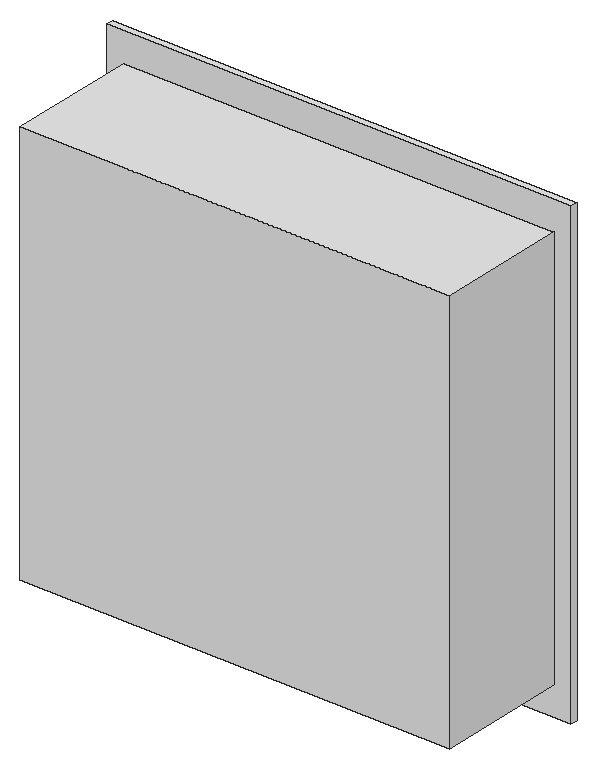
Revit family "Cypher-C1", category Lighting Fixtures, host Wall, Revit 2013
Parameters (values of type "CY1-15-3K7-1-1D-R")
  Watts = 17 W
  Wattage Comments = "15W, 1500 nominal lumens"
  Wattage = 17 W
  built-in parameter 1150110 = 1 (stored number, unit not read)
  Voltage = if([120 Voltage], 120 V, 270 V)  # 120 V
  URL = "http://www.aal.net/"
  built-in parameter 1114217 = 1 (stored number, unit not read)
  Tilt Angle = 90.00°
  built-in parameter 1150109 = 1 (stored number, unit not read)
  built-in parameter 1150134 = (empty or 0)
  built-in parameter 1150113 = 1 (stored number, unit not read)
  Photometric Web Link = "http://www.aal.net/products/cypher_accent_scale"
  Photometric Notes = "More IES files download Photometric Web Link"  # constant formula
  Glass = Hubbell-White Glass
  Product Page URL = "http://www.aal.net/products/cypher_accent_scale"
  Product Documentation Link = "http://www.aal.net/content/products/specs/specs_files/aal_cy1_spec.pdf"
  Power Factor = 1
  Photometric Web File = "CY1-15-3K7-1-1D-R.IES"
  Fascia Form [instance] = Panel : Flat - Blank
  Model = "Cypher - Accent Scale"  # constant formula
  Manufacturer Phone = "626-968-5666"  # constant formula
  Manufacturer Fax = "626-369-2695"  # constant formula
  Manufacturer = "Architectural Area Lighting"  # constant formula
  built-in parameter 1150105 = 100.11 (stored number, unit not read)
  Lumens = 1258 lm
  built-in parameter 1150115 = 1 (stored number, unit not read)
  Load Classification = Lighting
  built-in parameter 1150137 = (empty or 0)
  built-in parameter 1150139 = (empty or 0)
  built-in parameter 1150112 = 1 (stored number, unit not read)
  built-in parameter 1150114 = 1 (stored number, unit not read)
  Lamp = "360° Light Distribution"  # constant formula
  built-in parameter 1150132 = (empty or 0)
  built-in parameter 1150102 = (empty or 0)
  built-in parameter 1150107 = 3000 (stored number, unit not read)
  built-in parameter 1150138 = (empty or 0)
  built-in parameter 1150106 = 1.0011 (stored number, unit not read)
  Emit from Rectangle Width = 4.00"  # constant formula
  Emit from Rectangle Length = 2.00"  # constant formula
  Emit Shape Visible in Rendering = no
  built-in parameter 1150104 = 6.8748 (stored number, unit not read)
  Dimming Lamp Color Temperature Shift = <None>
  Description = "Cypher allows designers to mix and match optics for best-in-class aesthetics and performance"  # constant formula
  Color Filter = 16777215
  Box Finish = Hubbell-White
  built-in parameter 1114218 = 1 (stored number, unit not read)
  built-in parameter 1150133 = 10 (stored number, unit not read)
  Assembly Code = "D5020"
  Apparent Load = Watts / Power Factor  # 17 VA
  277 Voltage = not([120 Voltage])  # no
  120 Voltage = yes
Types (6): name | Watts | Wattage Comments | Wattage | built-in parameter 1150134 | Photometric Web File | built-in parameter 1150105 | Lumens | built-in parameter 1150107 | built-in parameter 1150106 | built-in parameter 1150104 | Apparent Load
  CY1-15-3K7-1-1D-R | 17 W | "15W, 1500 nominal lumens" | 17 W | (empty or 0) | "CY1-15-3K7-1-1D-R.IES" | 100.11 (stored number, unit not read) | 1258 lm | 3000 (stored number, unit not read) | 1.0011 (stored number, unit not read) | 6.8748 (stored number, unit not read) | 17 VA
  CY1-15-4K7-1-WG-R | 17 W | "15W, 1500 nominal lumens" | 17 W | 12 | "CY1-15-4K7-1-WG-R.IES" | 156.93 (stored number, unit not read) | 1972 lm | 4000 (stored number, unit not read) | 1.5693 (stored number, unit not read) | 10.777 (stored number, unit not read) | 17 VA
  CY1-15-5K7-1-3D-R | 17 W | "15W, 1500 nominal lumens" | 17 W | 2 | "CY1-15-5K7-1-3D-R.IES" | 91.992 (stored number, unit not read) | 1156 lm | 5000 (stored number, unit not read) | 0.91992 (stored number, unit not read) | 6.3174 (stored number, unit not read) | 17 VA
  CY1-25-3K7-1-1-R | 26 W | "25W, 2500 nominal lumens" | 26 W | (empty or 0) | "CY1-25-3K7-1-1-R.IES" | 190.35 (stored number, unit not read) | 2392 lm | 3000 (stored number, unit not read) | 1.9035 (stored number, unit not read) | 8.5471 (stored number, unit not read) | 26 VA
  CY1-25-4K7-1-4-R | 26 W | "25W, 2500 nominal lumens" | 26 W | 12 | "CY1-25-4K7-1-4-R.IES" | 184.14 (stored number, unit not read) | 2314 lm | 4000 (stored number, unit not read) | 1.8414 (stored number, unit not read) | 8.2684 (stored number, unit not read) | 26 VA
  CY1-25-5K7-1-SP-R | 26 W | "25W, 2500 nominal lumens" | 26 W | 2 | "CY1-25-5K7-1-SP-R.IES" | 194.49 (stored number, unit not read) | 2444 lm | 5000 (stored number, unit not read) | 1.9449 (stored number, unit not read) | 8.7329 (stored number, unit not read) | 26 VA
Reference planes (in)
  plane 1 "Wall": y = 0
  plane 2 "Center (Left/Right)": x = 4.92126
  plane 3 "Back": y = 2.95276
  plane 4: z = 67.32601
Text (in)
  text "Placement Side" at (-36.97918, 19.73443, 0), in view "Ref. Level"
  text "Placement side" at (0, 27.32912, 79.68064), in view "Left"
  text "Placement side" at (0, 10.24977, 82.91007), in view "Right"
Dimensions and locks (in)
  locked: plane 3 "Back" to host wall
  aligned and locked: plane 1 "Wall" to host wall
  aligned and locked: nested 1 to plane 2 "Center (Left/Right)"
  aligned and locked: nested 1 to plane 4
Nested families (in)
  nested 1: "Panel" at (4.92126, 2.95276, 67.32601) x (-1, 0, 0) z (0, 1, 0), type <- "Fascia Form", Panel <- "Box Finish", Glass <- "Glass", type "Flat - Blank"
    with Panel Hubbell-White, Glass Hubbell-White Glass
Connectors (in)
  electrical at (4.92126, 2.95276, 67.32601), driven by "Load Classification", driven by "Voltage", driven by "Apparent Load", driven by "Power Factor"
    settings: on nested 1, index 1, voltage 120 V, apparent load 17 VA, apparent load phase1 0 VA, apparent load phase2 0 VA, apparent load phase3 0 VA, power factor 1, load classification "Lighting", number of poles 1, system type 30, power factor state 1, is connector primary yes, connector utility no, sub classification motor no, connector description "Lighting Connector"
Definition of nested family "Panel"
  Parameters (values of type "Flat - 4 Square")
    zz Length 2 = 8.30"
    zz Length 1 = 8.80"
    URL = ""
    Radius = no
    Flat = yes
    F-Open = yes
    F-Blank = no
    R-4 Square = no
    R-Open = no
    Model = ""
    Manufacturer = ""
    R-Blank = no
    Panel [instance] = none
    Glass [instance] = none
    F-4 Square = yes
    Description = ""
    Default Elevation = 48.00"
  Types (6): name | zz Length 1 | Radius | Flat | F-Open | F-Blank | R-4 Square | R-Open | R-Blank | F-4 Square
    Radius - Blank | 8.20" | yes | no | no | no | no | no | yes | no
    Radius - Open | 8.20" | yes | no | no | no | no | yes | no | no
    Radius - 4 Square | 8.20" | yes | no | no | no | yes | yes | no | no
    Flat - Blank | 8.80" | no | yes | no | yes | no | no | no | no
    Flat - Open | 8.80" | no | yes | yes | no | no | no | no | no
    Flat - 4 Square | 8.80" | no | yes | yes | no | no | no | no | yes
  Reference planes (in)
    plane 1 "Center (Front/Back)": y = 0
    plane 2: z = 0
    plane 3 "Center (Left/Right)": x = 0
    plane 4: x = -5.1
    plane 5: y = 5
    plane 6: y = -5
    plane 7: x = 5.1
    plane 8: x = -1.5
    plane 9: x = 1.5
    plane 10: y = 1.5
    plane 11: y = -1.5
    plane 12: x = -4.4
    plane 13: x = 4.4
    plane 14: y = 4.15
    plane 15: y = -4.15
    plane 16: z = 4.2
    plane 17: x = -4.75
    plane 18: x = 4.75
    plane 19: y = -4.75
    plane 20: y = 4.75
    plane 21: z = 2.65
  Forms (in)
    Extrusion 1, solid
      sketch origin (0, 0, 0) x (1, 0, 0) y (0, 1, 0)
        loop
          line (-48, 48) -> (-48, -48) -> (48, -48) -> (48, 48) -> (-48, 48)
      from 0 to -12
    Extrusion 2, solid, material <- "Panel", visible <- "Radius"
      sketch origin (0, 0, -5.12088) x (1, 0, 0) y (0, 0, 1)
        loop
          line (-5.1, 7.02088) -> (-4.97955, 6.90043)
          arc (-4.97955, 6.90043) -> (0, 9.15088) -> (4.97955, 6.90043) r 6.63435
          line (4.97955, 6.90043) -> (5.1, 7.02088)
          arc (5.1, 7.02088) -> (0, 9.32088) -> (-5.1, 7.02088) r 6.80435
      from 5 to -5
    Extrusion 3, void
      sketch origin (0, 0, 0) x (1, 0, 0) y (0, 1, 0)
        loop
          line (-1.5, 1.5) -> (-1.5, -1.5) -> (1.5, -1.5) -> (1.5, 1.5) -> (-1.5, 1.5)
      from 7.43003 to 0.25
    Extrusion 4, solid, material <- "Glass", visible <- "R-Open"
      sketch origin (0, 0, -8.59835) x (1, 0, 0) y (0, 0, 1)
        loop
          line (-1.5, 12.55195) -> (-1.5, 12.48059)
          arc (-1.5, 12.48059) -> (0, 12.62835) -> (1.5, 12.48059) r 7.68763
          line (1.5, 12.48059) -> (1.5, 12.55195)
          arc (1.5, 12.55195) -> (0, 12.69835) -> (-1.5, 12.55195) r 7.75763
      from 1.5 to -1.5
    Extrusion 5, void, not visible
      sketch origin (0, 0, 0) x (1, 0, 0) y (0, 1, 0)
        loop
          circle (-2.22504, 2.2246) r 0.08209
      from 10.68531 to 8.33423
    Extrusion 6, solid, material <- "Panel", visible <- "R-Blank"
      sketch origin (0, 0, -8.59835) x (1, 0, 0) y (0, 0, 1)
        loop
          line (-1.5, 12.63095) -> (-1.5, 12.55195)
          arc (-1.5, 12.55195) -> (0, 12.69835) -> (1.5, 12.55195) r 7.75763
          line (1.5, 12.55195) -> (1.5, 12.63095)
          arc (1.5, 12.63095) -> (0, 12.79835) -> (-1.5, 12.63095) r 6.80435
      from 1.5 to -1.5
    Extrusion 7, solid, material <- "Panel", visible <- "R-4 Square"
      sketch origin (0, 0, -8.59835) x (1, 0, 0) y (0, 0, 1)
        loop
          line (-1.5, 12.63095) -> (-1.5, 12.55195)
          arc (-1.5, 12.55195) -> (0, 12.69835) -> (1.5, 12.55195) r 7.75763
          line (1.5, 12.55195) -> (1.5, 12.63095)
          arc (1.5, 12.63095) -> (0, 12.79835) -> (-1.5, 12.63095) r 6.80435
      from 1.5 to -1.5
    Extrusion 8, void
      sketch origin (0, 0, 0) x (1, 0, 0) y (0, 1, 0)
        loop
          line (-1.5, 1.5) -> (-1.5, 0.125) -> (-0.125, 0.125) -> (-0.125, 1.5) -> (-1.5, 1.5)
        loop
          line (1.5, 1.5) -> (0.125, 1.5) -> (0.125, 0.125) -> (1.5, 0.125) -> (1.5, 1.5)
        loop
          line (-1.5, -1.5) -> (-0.125, -1.5) -> (-0.125, -0.125) -> (-1.5, -0.125) -> (-1.5, -1.5)
        loop
          line (1.5, -1.5) -> (1.5, -0.125) -> (0.125, -0.125) -> (0.125, -1.5) -> (1.5, -1.5)
      from 4.36391 to 2.5679
    Extrusion 9, solid, material <- "Panel"
      sketch origin (0, 0, 0) x (1, 0, 0) y (0, 1, 0)
        loop
          line (-4.4, 4.15) -> (-4.4, -4.15) -> (4.4, -4.15) -> (4.4, 4.15) -> (-4.4, 4.15)
      from 0 to 2.65
    Extrusion 10, solid, material <- "Panel", visible <- "Flat"
      sketch origin (0, 0, 0) x (1, 0, 0) y (0, 1, 0)
        loop
          line (-4.75, 4.75) -> (-4.75, -4.75) -> (4.75, -4.75) -> (4.75, 4.75) -> (-4.75, 4.75)
      from 2.65 to 2.8
    Extrusion 11, solid, material <- "Panel", visible <- "F-Blank"
      sketch origin (0, 0, 0) x (1, 0, 0) y (0, 1, 0)
        loop
          line (-1.5, 1.5) -> (-1.5, -1.5) -> (1.5, -1.5) -> (1.5, 1.5) -> (-1.5, 1.5)
      from 2.71775 to 2.8
    Extrusion 12, solid, material <- "Glass", visible <- "F-Open"
      sketch origin (0, 0, 0) x (1, 0, 0) y (0, 1, 0)
        loop
          line (-1.5, 1.5) -> (-1.5, -1.5) -> (1.5, -1.5) -> (1.5, 1.5) -> (-1.5, 1.5)
      from 2.65 to 2.71775
    Extrusion 13, solid, material <- "Panel", visible <- "F-4 Square"
      sketch origin (0, 0, 0) x (1, 0, 0) y (0, 1, 0)
        loop
          line (-1.5, 1.5) -> (-1.5, -1.5) -> (1.5, -1.5) -> (1.5, 1.5) -> (-1.5, 1.5)
      from 2.71775 to 2.8
    Extrusion 14, void
      sketch origin (0, 0, 0) x (1, 0, 0) y (0, 0, 1)
        loop
          line (-3.9, 2.4) -> (-3.9, 0.25) -> (3.9, 0.25) -> (3.9, 2.4) -> (-3.9, 2.4)
      from -2.93789 to 4.75
    Extrusion 15, solid, material <- "Glass"
      sketch origin (0, 0, 0) x (1, 0, 0) y (0, 0, 1)
        loop
          line (-3.9, 2.4) -> (-3.9, 0.25) -> (3.9, 0.25) -> (3.9, 2.4) -> (-3.9, 2.4)
      from 3.84637 to 3.99301
  Cuts and joins
    Extrusion 3 cuts Extrusion 2
    Extrusion 8 cuts Extrusion 7
    Extrusion 3 cuts Extrusion 10
    Extrusion 8 cuts Extrusion 13
    Extrusion 3, Extrusion 14 cuts Extrusion 9
  Dimensions and locks (in)
    equal spacing: plane 5, plane 1 "Center (Front/Back)", plane 6
    locked: plane 6 to plane 5 at 10
    equal spacing: plane 4, plane 3 "Center (Left/Right)", plane 7
    locked: plane 4 to plane 7 at 10.2
    equal spacing: plane 8, plane 3 "Center (Left/Right)", plane 9
    equal spacing: plane 10, plane 1 "Center (Front/Back)", plane 11
    locked: plane 8 to plane 3 "Center (Left/Right)" at 1.5
    locked: plane 1 "Center (Front/Back)" to plane 10 at 1.5
    equal spacing: plane 12, plane 3 "Center (Left/Right)", plane 13
    equal spacing: plane 14, plane 1 "Center (Front/Back)", plane 15
    "zz Length 1": plane 12 to plane 13
    "zz Length 2": plane 14 to plane 15
    plane 16 to plane 2 = 4.20"
    equal spacing: plane 17, plane 3 "Center (Left/Right)", plane 18
    equal spacing: plane 19, plane 1 "Center (Front/Back)", plane 20
    locked: plane 19 to plane 20 at 9.5
    locked: plane 17 to plane 18 at 9.5
    plane 21 to plane 2 = 2.65"
    locked: Extrusion 9 to Extrusion 14 sketch curve at 0.5  (x2)
    locked: Extrusion 14 sketch curve to Extrusion 1 at 0.25
    locked: plane 21 to Extrusion 14 sketch curve at 0.25
    aligned and locked: plane 2 to Extrusion 1
    aligned and locked: level to Extrusion 1
    aligned and locked: plane 5 to Extrusion 2
    aligned and locked: plane 6 to Extrusion 2
    aligned and locked: Extrusion 3 sketch curve to plane 10
    aligned and locked: plane 8 to Extrusion 3 sketch curve
    aligned and locked: Extrusion 3 sketch curve to plane 11
    aligned and locked: plane 9 to Extrusion 3 sketch curve
    aligned and locked: plane 10 to Extrusion 4
    aligned and locked: plane 11 to Extrusion 4
    aligned and locked: plane 10 to Extrusion 6
    aligned and locked: plane 11 to Extrusion 6
    aligned and locked: plane 10 to Extrusion 7
    aligned and locked: plane 11 to Extrusion 7
    aligned and locked: Extrusion 8 sketch curve to plane 10
    aligned and locked: plane 8 to Extrusion 8 sketch curve
    aligned and locked: Extrusion 8 sketch curve to plane 8
    aligned and locked: Extrusion 8 sketch curve to plane 9
    aligned and locked: plane 9 to Extrusion 8 sketch curve
    aligned and locked: Extrusion 8 sketch curve to plane 11
    aligned and locked: plane 11 to Extrusion 8 sketch curve
    aligned and locked: plane 10 to Extrusion 8 sketch curve
    aligned and locked: plane 14 to Extrusion 9 sketch curve
    aligned and locked: plane 15 to Extrusion 9 sketch curve
    aligned and locked: plane 20 to Extrusion 10 sketch curve
    aligned and locked: plane 17 to Extrusion 10 sketch curve
    aligned and locked: plane 19 to Extrusion 10 sketch curve
    aligned and locked: plane 18 to Extrusion 10 sketch curve
    aligned and locked: Extrusion 10 to Extrusion 9
    aligned and locked: plane 21 to Extrusion 9
    aligned and locked: Extrusion 11 sketch curve to cut or joined group of Extrusion 2, Extrusion 3  (x4)
    aligned and locked: Extrusion 13 sketch curve to cut or joined group of Extrusion 2, Extrusion 3  (x4)
    aligned and locked: Extrusion 15 sketch curve to cut or joined group of Extrusion 3, Extrusion 9, Extrusion 14  (x4)
  Automatic sketch dimensions
    Extrusion 1 sketch curve to Extrusion 1 sketch curve = 96.00"  (x2)
    plane 9 to Extrusion 4 sketch curve = 0.00"
    plane 9 to Extrusion 6 sketch curve = 0.00"
    Extrusion 8 sketch curve to plane 3 "Center (Left/Right)" = 0.125"  (x2)
    plane 3 "Center (Left/Right)" to Extrusion 8 sketch curve = 0.125"  (x2)
    plane 1 "Center (Front/Back)" to Extrusion 8 sketch curve = 0.125"  (x2)
    Extrusion 8 sketch curve to plane 1 "Center (Front/Back)" = 0.125"  (x2)
    Extrusion 6 sketch curve to Extrusion 6 sketch curve = 0.07901"
    Extrusion 4 sketch curve to plane 8 = 0.00"
    Extrusion 6 sketch curve to plane 16 = 0.16739"
    Extrusion 7 sketch curve to Extrusion 7 sketch curve = 0.07901"
    Extrusion 7 sketch curve to plane 8 = 0.00"
    plane 9 to Extrusion 7 sketch curve = 0.00"
    Extrusion 4 sketch curve to Extrusion 4 sketch curve = 0.00"  (x2)
    Extrusion 4 sketch curve to plane 3 "Center (Left/Right)" = 0.00"
    Extrusion 4 sketch curve to plane 16 = 0.2464"
    Extrusion 4 sketch curve to plane 16 = 0.31776"
    Extrusion 4 sketch curve to level = 3.65763"
    Extrusion 2 sketch curve to Extrusion 2 sketch curve = 0.00"  (x3)
    Extrusion 2 sketch curve to plane 4 = 0.00"
    plane 4 to Extrusion 2 sketch curve = 0.12045"
    Extrusion 2 sketch curve to plane 21 = 0.87045"
    Extrusion 2 sketch curve to plane 3 "Center (Left/Right)" = 0.00"
    plane 7 to Extrusion 2 sketch curve = 0.00"
    plane 7 to Extrusion 2 sketch curve = 0.12045"
    Extrusion 2 sketch curve to Extrusion 2 sketch curve = 0.12045"
    Extrusion 2 sketch curve to level = 2.60435"
    Extrusion 6 sketch curve to plane 8 = 0.00"
    Extrusion 6 sketch curve to plane 3 "Center (Left/Right)" = 0.00"
    Extrusion 6 sketch curve to level = 3.65763"
    Extrusion 6 sketch curve to plane 16 = 0.2464"
    Extrusion 6 sketch curve to Extrusion 6 sketch curve = 1.05328"
    Extrusion 7 sketch curve to plane 16 = 0.16739"
    Extrusion 7 sketch curve to plane 3 "Center (Left/Right)" = 0.00"
    Extrusion 7 sketch curve to level = 3.65763"
    Extrusion 7 sketch curve to plane 16 = 0.2464"
    Extrusion 7 sketch curve to Extrusion 7 sketch curve = 1.05328"
    Extrusion 12 sketch curve to plane 8 = 0.00"
    Extrusion 12 sketch curve to plane 9 = 0.00"
    plane 11 to Extrusion 12 sketch curve = 0.00"
    Extrusion 12 sketch curve to plane 10 = 0.00"
    Extrusion 9 sketch curve to plane 12 = 0.00"
    Extrusion 9 sketch curve to plane 13 = 0.00"
    radius of Extrusion 5 sketch curve = 0.08209"
